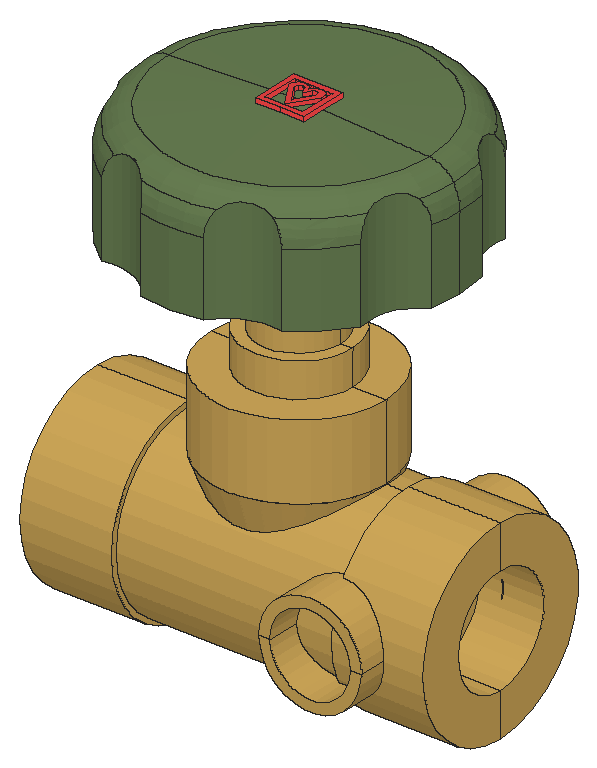
Revit family "Запорный клапан Strömax 4215 AW, муфта х муфта", category Rohrzubehör, Revit 2018
Family settings
  Bemaßung runder Anschluss = Durchmesser verwenden
  Teiletyp = Unterbricht
  OmniClass-Nummer = 23.65.55.14
  OmniClass-Titel = Valves for Liquid Services
  Arbeitsebenenbasiert = Nein
  Immer vertikal = Ja
  Beim Laden mit Abzugskörper schneiden = Nein
  Gemeinsam genutzt = Nein
Parameters
  Примечание = "В соответствии со статьей 33 Регламента REACH (Registration; Evaluation; Authorisation; Restriction of Chemicals) (EC № 1907/2006) мы обязаны указать, что свинец внесен в список SVHC (Substances of Very High Concern - вещества очень высокой важности) и весовой процент свинца во всех латунных компонентах заводского изготовления в наших изделиях, превышает 0,1 % (w/w) (CAS: 7439-92-1 / EINECS: 231-100-4).\r\nПоскольку свинец является легирующим компонентом сплава, прямое негативное влияние исключается, и поэтому дополнительной информации о безопасном использовании не требуется."
  Область применения = "Для перекрытия трубопроводов в системе питьевого водоснабжения в зданиях."
  Номер заказа [instance] = size_lookup("4215AW_", "Artnr", 0, Nennweite)  # 2421532
  Маховик = "пластик, цвет маховика - зеленый"  # constant formula
  Макс. рабочее давление = 1000000.0 Pa  # constant formula
  Макс. рабочая температура = 90 °C  # constant formula
  Корпус = "латунь, устойчивая к селективной цинковой коррозии, в соответствии с EN1982"  # constant formula
  URL = "www.herz-armaturen.ru"
  T02 = 8.5 mm  # constant formula
  T01 [instance] = size_lookup("4215AW_", "T1", 17.5 mm, Nennweite)  # 23 mm
  R09 [instance] = R08 - 2 mm  # 7.5 mm
  O-Ring = "EPDM"  # constant formula
  SC_NennweiteBerechnet = 0
  SC_Dimension = ""
  SCTWSEQ = "FW;SBT_TYP_FW=\"106\";2"
  SCTWCODE = "04;01;02"  # constant formula
  S03 = 60 mm  # constant formula
  S02 [instance] = H01 + H02 + H03  # 53.5 mm
  S01 [instance] = R01 * 2  # 36 mm
  R08 [instance] = size_lookup("4215AW_", "R8", 9.5 mm, Nennweite)  # 9.5 mm
  R07 = 3 mm  # constant formula
  R06 [instance] = size_lookup("4215AW_", "R6", 7.8 mm, Nennweite)  # 7.8 mm
  R05 [instance] = size_lookup("4215AW_", "R5", 10.1 mm, Nennweite)  # 10.1 mm
  R04 [instance] = size_lookup("4215AW_", "R4", 13.5 mm, Nennweite)  # 16.3 mm
  R03 [instance] = size_lookup("4215AW_", "R3", 15 mm, Nennweite)  # 17 mm
  R02 [instance] = Nennweite / 2  # 10 mm
  R01 [instance] = size_lookup("4215AW_", "R1", 16 mm, Nennweite)  # 18 mm
  Nennweite [instance] = 20 mm
  Мин. расход при Dp 10 кПа [instance] = if(Nennweite = 15 mm, 0.2, if(Nennweite = 20 mm, 0.4, if(Nennweite = 25 mm, 0.7, if(Nennweite = 32 mm, 1.2, if(Nennweite = 40 mm, 1.6, if(Nennweite = 50 mm, 2.7, 0))))))  # 0.4
  Среда = "Питьевая вода"  # constant formula
  Макс. перепад давления на закрытом седле = 1000000.0 Pa  # constant formula
  L03 [instance] = size_lookup("4215AW_", "L3", 15.5 mm, Nennweite)  # 19 mm
  L02 = 12 mm  # constant formula
  L01 [instance] = size_lookup("4215AW_", "L1", 16 mm, Nennweite)  # 17 mm
  L00 [instance] = size_lookup("4215AW_", "L", 65 mm, Nennweite)  # 75 mm
  Hersteller = "HERZ Armaturen Ges.m.b.H."  # constant formula
  H04 = 21 mm  # constant formula
  H03 [instance] = size_lookup("4215AW_", "H3", 14.6 mm, Nennweite)  # 16.1 mm
  H02 [instance] = size_lookup("4215AW_", "H2", 5.4 mm, Nennweite)  # 6.4 mm
  H01 [instance] = size_lookup("4215AW_", "H1", 26 mm, Nennweite)  # 31 mm
  H00 [instance] = H01 + H02 + H03  # 53.5 mm
Reference planes
  plane 1 "Mitte (Vorne/hinten)": y = 0
  plane 2: z = 0
  plane 3 "Mitte (Links/rechts)": x = 0
Forms (mm)
  Revolve 1, solid, material "Messing, weicher Gelbton, geschweißt", detail levels fine
    sketch origin (470, 0, 0) x (1, 0, 0) y (0, 0, 1)
      loop
        line (-507.5, 10) -> (-495.5, 10) -> (-495.5, 0) -> (-444.5, 0) -> (-444.5, 10) -> (-432.5, 10) -> (-432.5, 18) -> (-449.5, 18) -> (-449.5, 17) -> (-490.5, 17) -> (-490.5, 18) -> (-507.5, 18) -> (-507.5, 10)
      axis (-507.5, 0) -> (-432.5, 0)
    angle from 0 to 360
  Revolve 2, solid, material "Messing, weicher Gelbton, geschweißt", detail levels fine
    sketch origin (0, 0, 0) x (1, 0, 0) y (0, 0, 1)
      loop
        line (0, 0) -> (0, 53.5) -> (-7.8, 53.5) -> (-7.8, 37.4) -> (-10.1, 37.4) -> (-10.1, 31) -> (-16.3, 31) -> (-16.3, 17) -> (-10, 0) -> (0, 0)
      axis (0, 53.5) -> (0, 0)
    angle from 0 to 360
  Revolve 3, solid, material "Messing, weicher Gelbton, geschweißt", detail levels fine
    sketch origin (0, 0, 0) x (1, 0, 0) y (0, 1, 0)
      loop
        line (20.5, -14.5) -> (28, -14.5) -> (28, -23) -> (30, -23) -> (30, -10) -> (23.5, -10) -> (23.5, 10) -> (30, 10) -> (30, 23) -> (20.5, 23) -> (20.5, -14.5)
      axis (20.5, 23) -> (20.5, -23)
    angle from 0 to 360
Lines and regions (mm)
  model lines, detail levels coarse+medium
    curve 1: line (-37.5, 0, 18) -> (-37.5, 0, -18)
    curve 2: line (-37.5, 0, -18) -> (37.5, 0, 18)
    curve 3: line (37.5, 0, 18) -> (37.5, 0, -18)
    curve 4: line (37.5, 0, -18) -> (-37.5, 0, 18)
    curve 5: line (0, 0, 0) -> (0, 0, 53.5)
    curve 6: line (-30, 0, 53.5) -> (30, 0, 53.5)
    curve 7: line (-37.5, -18, 0) -> (-37.5, 18, 0)
    curve 8: line (-37.5, 18, 0) -> (37.5, -18, 0)
    curve 9: line (37.5, -18, 0) -> (37.5, 18, 0)
    curve 10: line (37.5, 18, 0) -> (-37.5, -18, 0)
    curve 11: line (0, 0, 0) -> (0, 53.5, 0)
    curve 12: line (30, 53.5, 0) -> (-30, 53.5, 0)
Dimensions and locks
  "L00": Revolve 1 sketch curve to Revolve 1 sketch curve
  equal spacing: Revolve 1 sketch curve, plane 3 "Mitte (Links/rechts)", Revolve 1 sketch curve
  "R01": Revolve 1 sketch curve to Revolve 1 sketch curve  (x2)
  "R02": Revolve 1 sketch curve to Revolve 1 sketch curve  (x2)
  "L01": Revolve 1 sketch curve to Revolve 1 sketch curve  (x2)
  "L02": Revolve 1 sketch curve to Revolve 1 sketch curve  (x2)
  "R03": Revolve 1 sketch curve to Revolve 1 sketch curve
  "R03": Revolve 2 sketch curve to Revolve 2 sketch curve
  "R02": Revolve 2 sketch curve to Revolve 2 sketch curve
  "R04": Revolve 2 sketch curve to Revolve 2 sketch curve
  "R05": Revolve 2 sketch curve to Revolve 2 sketch curve
  "R06": Revolve 2 sketch curve to Revolve 2 sketch curve
  "H01": Revolve 2 sketch curve to plane 2
  "T01": Revolve 3 sketch curve to plane 1 "Mitte (Vorne/hinten)" to Revolve 3 sketch curve
  "R02": Revolve 3 sketch curve to plane 1 "Mitte (Vorne/hinten)"
  "R02": plane 1 "Mitte (Vorne/hinten)" to Revolve 3 sketch curve
  "R07": Revolve 3 sketch curve to Revolve 3 sketch curve
  "H02": Revolve 2 sketch curve to Revolve 2 sketch curve
  "H03": Revolve 2 sketch curve to Revolve 2 sketch curve
  "H00": nested 1 to plane 2
  "H04": nested 2 to Revolve 2
  equal spacing: curve 4, plane 2, curve 2
  "S01": curve 4 to curve 2
  equal spacing: curve 3, plane 2, curve 4
  "S01": curve 3 to curve 4
  equal spacing: curve 1, plane 3 "Mitte (Links/rechts)", curve 3
  "L00": curve 1 to curve 3
  "S02": curve 5 to plane 2
  equal spacing: curve 6, curve 5, curve 6
  "S03": curve 6 to curve 6
  equal spacing: curve 10, plane 1 "Mitte (Vorne/hinten)", curve 8
  "S01": curve 8 to curve 10
  equal spacing: curve 9, plane 1 "Mitte (Vorne/hinten)", curve 10
  "S01": curve 10 to curve 9
  equal spacing: curve 7, plane 3 "Mitte (Links/rechts)", curve 9
  "L00": curve 7 to curve 9
  "S02": plane 1 "Mitte (Vorne/hinten)" to curve 11
  equal spacing: curve 12, curve 11, curve 12
  "S03": curve 12 to curve 12
  "T02": Revolve 3 sketch curve to Revolve 3 sketch curve
  "R08": Revolve 3 sketch curve to Revolve 3 sketch curve
  "R03": Revolve 3 sketch curve to Revolve 1
  "R09": Revolve 3 sketch curve to Revolve 3 sketch curve
  aligned and locked: level to plane 2
Automatic sketch dimensions
  curve 5 to level = 0 mm
  curve 11 to plane 3 "Mitte (Links/rechts)" = 0 mm
  Revolve 1 sketch curve to level = 0 mm  (x2)
  Revolve 1 sketch curve to Revolve 1 sketch curve = 791.99 mm
  Revolve 1 sketch curve to Revolve 1 sketch curve = 2278.983 mm
  Revolve 2 sketch curve to level = 0 mm
  Revolve 2 sketch curve to plane 3 "Mitte (Links/rechts)" = 0 mm  (x2)
  Revolve 2 sketch curve to Revolve 2 sketch curve = 366.045 mm
  Revolve 2 sketch curve to Revolve 2 sketch curve = 2165.278 mm
  Revolve 3 sketch curve to Revolve 3 sketch curve = 0 mm  (x2)
  Revolve 3 sketch curve to Revolve 3 sketch curve = 6.5 mm
  Revolve 3 sketch curve to Revolve 3 sketch curve = 3.768 mm
Nested families
  nested 1: "Strömax-Handrad (Grün)" at (0, 0, 53.5), type "Strömax-Handrad (Grün)", detail levels fine
    with Nennweite 0 mm, Gewicht 0.00 kg, Bestellnummer 0
  nested 2: "Herz-Logo" at (0, 0, 74.5), type "Herz-Logo", detail levels fine
Connectors
  piping at (-25.5, 0, 0), diameter 20, driven by "Nennweite"
    settings: on Revolve 1, index 1, connector inside diameter 609.6 mm, connector length 0 mm, flow factor 0, pipe flow 0.0 L/s, pressure drop 0.0 Pa, fitting loss kfactor 0, connector angle 0.00°, fixture units 0, engagement length 0 mm, angle of deflection 0.00°, flow configuration 0, flow direction 1, fitting loss method 0, system type 29, joint type 0, gender type 0, connector reference index -1, connector utility 0, adjustable connector no, is connector primary yes, connector description ""
  piping at (25.5, 0, 0), diameter 20, driven by "Nennweite"
    settings: on Revolve 1, index 2, connector inside diameter 609.6 mm, connector length 0 mm, flow factor 0, pipe flow 0.0 L/s, pressure drop 0.0 Pa, fitting loss kfactor 0, connector angle 0.00°, fixture units 0, engagement length 0 mm, angle of deflection 0.00°, flow configuration 0, flow direction 2, fitting loss method 0, system type 29, joint type 0, gender type 0, connector reference index -1, connector utility 0, adjustable connector no, is connector primary no, connector description ""
Definition of nested family "Strömax-Handrad (Grün)"
  Parameters (values of type "Strömax-Handrad (Grün)")
    URL = "www.herz-armaturen.at"
    Nennweite [instance] = 0 mm
    Manufacturer = "Herz Armaturen GmbH"  # constant formula
    Gewicht [instance] = 0.00 kg
    Bestellnummer [instance] = 0
  Reference planes
    plane 1 "Mitte (Vorne/hinten)": y = 0
    plane 2: z = 0
    plane 3 "Mitte (Links/rechts)": x = 0
  Forms (mm)
    Revolve 1, solid
      sketch origin (0, 0, 0) x (1, 0, 0) y (0, 0, 1)
        loop
          line (0, 0) -> (0, 22)
          arc (0, 22) -> (-12.15, 21.705) -> (-24.271, 20.819) r 250
          arc (-24.271, 20.819) -> (-26.831, 19.959) -> (-28.754, 18.063) r 6
          arc (-28.754, 18.063) -> (-29.682, 16.008) -> (-30, 13.776) r 8
          line (-30, 13.776) -> (-30, 0) -> (0, 0)
        axis (0, 22) -> (0, 0)
      angle from 0 to 360
    Extrusion 2, void
      sketch origin (0, 0, 0) x (1, 0, 0) y (0, 1, 0)
        loop
          circle (14.351, -34.645) r 10
      from 0 to 22
    Extrusion 3, void
      sketch origin (0, 0, 0) x (-1, 0, 0) y (0, -1, 0)
        loop
          circle (14.351, 34.645) r 10
      from 0 to 22
    Extrusion 4, void
      sketch origin (0, 0, 0) x (0, -1, 0) y (1, 0, 0)
        loop
          circle (14.351, 34.645) r 10
      from 0 to 22
    Extrusion 5, void
      sketch origin (0, 0, 0) x (0, 1, 0) y (-1, 0, 0)
        loop
          circle (14.351, -34.645) r 10
      from 0 to 22
    Extrusion 6, void
      sketch origin (0, 0, 0) x (0, -1, 0) y (1, 0, 0)
        loop
          circle (14.351, -34.645) r 10
      from 0 to 22
    Extrusion 7, void
      sketch origin (0, 0, 0) x (0, 1, 0) y (-1, 0, 0)
        loop
          circle (14.351, 34.645) r 10
      from 0 to 22
    Extrusion 8, void
      sketch origin (0, 0, 0) x (1, 0, 0) y (0, 1, 0)
        loop
          circle (14.351, 34.645) r 10
      from 0 to 22
    Extrusion 9, void
      sketch origin (0, 0, 0) x (-1, 0, 0) y (0, -1, 0)
        loop
          circle (14.351, -34.645) r 10
      from 0 to 22
  Cuts and joins
    Extrusion 2, Extrusion 3, Extrusion 4, Extrusion 5, Extrusion 6, Extrusion 7, Extrusion 8, Extrusion 9 cuts Revolve 1
  Dimensions and locks
    aligned and locked: level to plane 2
Definition of nested family "Herz-Logo"
  Reference planes
    plane 1 "Mitte (Vorne/hinten)": y = 0
    plane 2: z = 0
    plane 3 "Mitte (Links/rechts)": x = 0
  Forms (mm)
    Extrusion 1, solid
      sketch origin (0, 0, 0) x (1, 0, 0) y (0, 1, 0)
        loop
          line (-0.018, -4.517) -> (4.482, -4.517) -> (4.482, 4.483) -> (-4.518, 4.483) -> (-4.518, -4.517) -> (-0.018, -4.517)
        loop
          line (-0.05, -3.48) -> (3.482, -3.48) -> (3.482, 3.483) -> (-3.518, 3.483) -> (-3.518, -3.48) -> (-0.05, -3.48)
        loop
          arc (-0.018, 2.383) -> (-1.543, 3.287) -> (-3.067, 2.383) r 1.738
          arc (-3.067, 2.383) -> (-3.191, 1.899) -> (-3.067, 1.415) r 1.009
          line (-3.067, 1.415) -> (-0.018, -3.281) -> (3.032, 1.415)
          arc (3.032, 1.415) -> (3.156, 1.899) -> (3.032, 2.383) r 1.009
          arc (3.032, 2.383) -> (1.507, 3.287) -> (-0.018, 2.383) r 1.738
        loop
          arc (1.885, 1.272) -> (2.005, 1.675) -> (1.885, 2.079) r 0.74
          arc (1.885, 2.079) -> (1.265, 2.416) -> (0.644, 2.079) r 0.74
          line (0.644, 2.079) -> (-0.018, 0.97) -> (-0.679, 2.079)
          arc (-0.679, 2.079) -> (-1.3, 2.416) -> (-1.921, 2.079) r 0.74
          arc (-1.921, 2.079) -> (-2.04, 1.675) -> (-1.921, 1.272) r 0.74
          line (-1.921, 1.272) -> (-0.018, -1.658) -> (1.885, 1.272)
      from 0 to 1.5
  Dimensions and locks
    aligned and locked: level to plane 2
